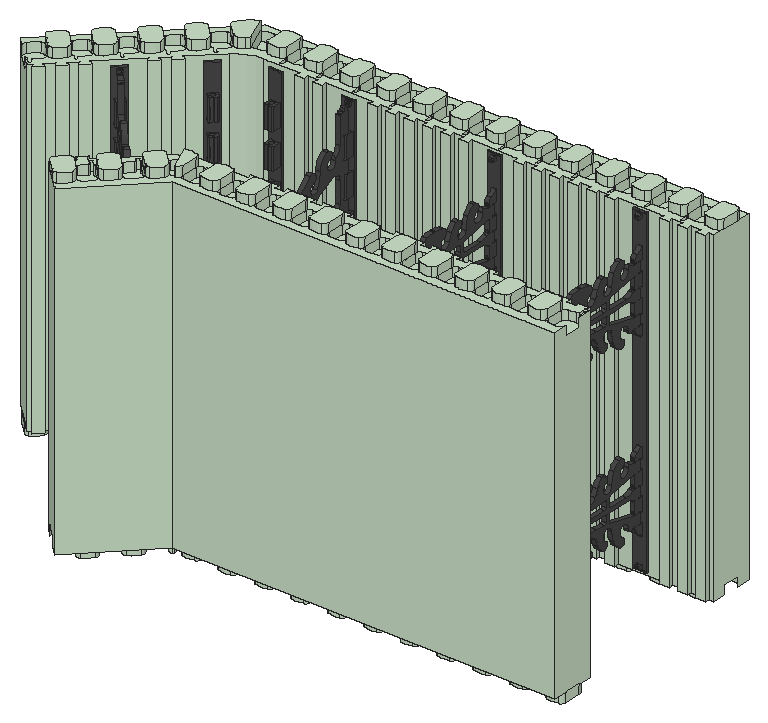
Revit family (continued)
Definition of nested family "8-inch Web"
  Forms (in)
    Extrusion 1, solid, material "Polypropylene"
      sketch origin (0, 0, -0.5) x (0, 1, 0) y (0, 0, 1)
        loop
          arc (0.06182, 12.38886) -> (0.30102, 12.40366) -> (0.53596, 12.45092) r 1.75402
          arc (0.53596, 12.45092) -> (0.73529, 12.69795) -> (0.55907, 12.96196) r 0.26801
          arc (0.55907, 12.96196) -> (0.48493, 13.48968) -> (0.99061, 13.32155) r 0.31353
          line (0.99061, 13.32155) -> (1.13325, 12.93471)
          arc (1.13325, 12.93471) -> (1.27447, 12.72144) -> (1.47916, 12.56805) r 0.74993
          arc (1.47916, 12.56805) -> (1.7612, 12.66395) -> (1.68267, 12.95131) r 0.21738
          arc (1.68267, 12.95131) -> (1.64814, 13.4949) -> (2.13361, 13.24792) r 0.31353
          arc (2.13361, 13.24792) -> (2.18004, 12.92936) -> (2.26931, 12.62005) r 2.36477
          arc (2.26931, 12.62005) -> (2.42388, 12.38359) -> (2.66153, 12.23085) r 0.67666
          arc (2.66153, 12.23085) -> (2.94751, 12.3534) -> (2.82496, 12.63938) r 0.22
          arc (2.82496, 12.63938) -> (2.80729, 13.20461) -> (3.25886, 12.86419) r 0.31353
          arc (3.25886, 12.86419) -> (3.28181, 12.76256) -> (3.38367, 12.74066) r 0.09677
          arc (3.38367, 12.74066) -> (3.54907, 12.79485) -> (3.72137, 12.81946) r 0.99729
          line (3.72137, 12.81946) -> (3.83556, 12.81946) -> (3.83556, 12.74943) -> (3.77832, 12.74943)
          arc (3.77832, 12.74943) -> (3.73413, 12.73112) -> (3.71582, 12.68693) r 0.0625
          line (3.71582, 12.68693) -> (3.71582, 12.61943)
          arc (3.71582, 12.61943) -> (3.7617, 12.47509) -> (3.88249, 12.38373) r 0.25
          arc (3.88249, 12.38373) -> (4.01183, 12.31528) -> (4.11582, 12.21232) r 0.5
          line (4.11582, 12.21232) -> (4.185, 12.21232) -> (4.185, 12.81193)
          arc (4.185, 12.81193) -> (4.16669, 12.76774) -> (4.1225, 12.74943) r 0.0625
          line (4.1225, 12.74943) -> (3.91022, 12.74943) -> (3.91022, 12.81946) -> (4.02082, 12.81946) -> (4.02082, 13.31943) -> (3.91022, 13.31943) -> (3.91022, 13.38943) -> (4.1225, 13.38943)
          arc (4.1225, 13.38943) -> (4.16669, 13.37112) -> (4.185, 13.32693) r 0.0625
          line (4.185, 13.32693) -> (4.185, 14.11193)
          arc (4.185, 14.11193) -> (4.16669, 14.06774) -> (4.1225, 14.04943) r 0.0625
          line (4.1225, 14.04943) -> (3.91022, 14.04943) -> (3.91022, 14.11943) -> (4.02082, 14.11943) -> (4.02082, 14.61943) -> (3.91022, 14.61943) -> (3.91022, 14.68943) -> (4.1225, 14.68943)
          arc (4.1225, 14.68943) -> (4.16669, 14.67112) -> (4.185, 14.62693) r 0.0625
          line (4.185, 14.62693) -> (4.185, 15.41193)
          arc (4.185, 15.41193) -> (4.16669, 15.36774) -> (4.1225, 15.34943) r 0.0625
          line (4.1225, 15.34943) -> (3.91022, 15.34943) -> (3.91022, 15.41943) -> (4.02082, 15.41943)
        loop
          arc (3.61722, 14.5911) -> (3.66725, 14.61172) -> (3.72082, 14.61943) r 0.21872
          line (3.72082, 14.61943) -> (3.83556, 14.61943) -> (3.83556, 14.68943) -> (3.77832, 14.68943)
          arc (3.77832, 14.68943) -> (3.73413, 14.70774) -> (3.71582, 14.75193) r 0.0625
          line (3.71582, 14.75193) -> (3.71582, 15.28693)
          arc (3.71582, 15.28693) -> (3.73413, 15.33112) -> (3.77832, 15.34943) r 0.0625
          line (3.77832, 15.34943) -> (3.83556, 15.34943) -> (3.83556, 15.41943) -> (3.72082, 15.41943)
          arc (3.72082, 15.41943) -> (2.8612, 15.22018) -> (1.99577, 15.04787) r 28.25303
          arc (1.99577, 15.04787) -> (1.93696, 15.01354) -> (1.91377, 14.9495) r 0.1
          line (1.91377, 14.9495) -> (1.91377, 14.56474)
          arc (1.91377, 14.56474) -> (1.94303, 14.49405) -> (2.0137, 14.46474) r 0.1
          line (2.0137, 14.46474) -> (3.1681, 14.46396)
          arc (3.1681, 14.46396) -> (3.39912, 14.5047) -> (3.61722, 14.5911) r 1.15974
        loop
          line (3.72082, 13.31943) -> (3.83556, 13.31943) -> (3.83556, 13.38943) -> (3.77832, 13.38943)
          arc (3.77832, 13.38943) -> (3.73413, 13.40774) -> (3.71582, 13.45193) r 0.0625
          line (3.71582, 13.45193) -> (3.71582, 13.98693)
          arc (3.71582, 13.98693) -> (3.73413, 14.03112) -> (3.77832, 14.04943) r 0.0625
          line (3.77832, 14.04943) -> (3.83556, 14.04943) -> (3.83556, 14.11943) -> (3.72082, 14.11943)
          arc (3.72082, 14.11943) -> (3.66725, 14.12714) -> (3.61722, 14.14776) r 0.21872
          arc (3.61722, 14.14776) -> (3.39912, 14.23416) -> (3.1681, 14.2749) r 1.15974
          line (3.1681, 14.2749) -> (2.0137, 14.2749)
          arc (2.0137, 14.2749) -> (1.94303, 14.24481) -> (1.91377, 14.17412) r 0.1
          line (1.91377, 14.17412) -> (1.91377, 13.78936)
          arc (1.91377, 13.78936) -> (1.93696, 13.72532) -> (1.99577, 13.69099) r 0.1
          arc (1.99577, 13.69099) -> (2.8612, 13.51868) -> (3.72082, 13.31943) r 28.25303
        loop
          line (4.185, 18.01497) -> (4.185, 18.26376)
          arc (4.185, 18.26376) -> (4.18086, 18.24855) -> (4.16957, 18.23754) r 0.03
          line (4.16957, 18.23754) -> (4.00043, 18.14357)
          arc (4.00043, 18.14357) -> (3.98914, 18.13256) -> (3.985, 18.11735) r 0.03
          line (3.985, 18.11735) -> (3.985, 18.04614)
          arc (3.985, 18.04614) -> (3.99126, 18.03161) -> (4.00611, 18.02617) r 0.02
          line (4.00611, 18.02617) -> (4.16389, 18.03494)
          arc (4.16389, 18.03494) -> (4.17874, 18.0295) -> (4.185, 18.01497) r 0.02
        loop
          arc (-4.185, 18.01497) -> (-4.17874, 18.0295) -> (-4.16389, 18.03494) r 0.02
          line (-4.16389, 18.03494) -> (-4.00611, 18.02617)
          arc (-4.00611, 18.02617) -> (-3.99126, 18.03161) -> (-3.985, 18.04614) r 0.02
          line (-3.985, 18.04614) -> (-3.985, 18.11735)
          arc (-3.985, 18.11735) -> (-3.98914, 18.13256) -> (-4.00043, 18.14357) r 0.03
          line (-4.00043, 18.14357) -> (-4.16957, 18.23754)
          arc (-4.16957, 18.23754) -> (-4.18086, 18.24855) -> (-4.185, 18.26376) r 0.03
          line (-4.185, 18.26376) -> (-4.185, 18.01497)
        loop
          arc (1.64262, 14.9857) -> (1.3631, 14.94624) -> (1.0811, 14.93338) r 2.98393
          line (1.0811, 14.93338) -> (0.43422, 14.93338)
          arc (0.43422, 14.93338) -> (0.1999, 14.69906) -> (0.43422, 14.46474) r 0.23432
          line (0.43422, 14.46474) -> (1.66127, 14.46474)
          arc (1.66127, 14.46474) -> (1.73198, 14.49403) -> (1.76127, 14.56474) r 0.1
          line (1.76127, 14.56474) -> (1.76127, 14.88745)
          arc (1.76127, 14.88745) -> (1.72505, 14.96447) -> (1.64262, 14.9857) r 0.1
        loop
          arc (1.64262, 13.75316) -> (1.72505, 13.77439) -> (1.76127, 13.85141) r 0.1
          line (1.76127, 13.85141) -> (1.76127, 14.17412)
          arc (1.76127, 14.17412) -> (1.73198, 14.24483) -> (1.66127, 14.27412) r 0.1
          line (1.66127, 14.27412) -> (0.43422, 14.27412)
          arc (0.43422, 14.27412) -> (0.1999, 14.0398) -> (0.43422, 13.80548) r 0.23432
          line (0.43422, 13.80548) -> (1.0811, 13.80548)
          arc (1.0811, 13.80548) -> (1.3631, 13.79262) -> (1.64262, 13.75316) r 2.98393
        loop
          arc (-3.61722, 14.5911) -> (-3.39912, 14.5047) -> (-3.1681, 14.46396) r 1.15974
          line (-3.1681, 14.46396) -> (-2.0137, 14.46474)
          arc (-2.0137, 14.46474) -> (-1.94303, 14.49405) -> (-1.91377, 14.56474) r 0.1
          line (-1.91377, 14.56474) -> (-1.91377, 14.9495)
          arc (-1.91377, 14.9495) -> (-1.93696, 15.01354) -> (-1.99577, 15.04787) r 0.1
          arc (-1.99577, 15.04787) -> (-2.8612, 15.22018) -> (-3.72082, 15.41943) r 28.25303
          line (-3.72082, 15.41943) -> (-3.83556, 15.41943) -> (-3.83556, 15.34943) -> (-3.77832, 15.34943)
          arc (-3.77832, 15.34943) -> (-3.73413, 15.33112) -> (-3.71582, 15.28693) r 0.0625
          line (-3.71582, 15.28693) -> (-3.71582, 14.75193)
          arc (-3.71582, 14.75193) -> (-3.73413, 14.70774) -> (-3.77832, 14.68943) r 0.0625
          line (-3.77832, 14.68943) -> (-3.83556, 14.68943) -> (-3.83556, 14.61943) -> (-3.72082, 14.61943)
          arc (-3.72082, 14.61943) -> (-3.66725, 14.61172) -> (-3.61722, 14.5911) r 0.21872
        loop
          arc (-3.72082, 13.31943) -> (-2.8612, 13.51868) -> (-1.99577, 13.69099) r 28.25303
          arc (-1.99577, 13.69099) -> (-1.93696, 13.72532) -> (-1.91377, 13.78936) r 0.1
          line (-1.91377, 13.78936) -> (-1.91377, 14.17412)
          arc (-1.91377, 14.17412) -> (-1.94303, 14.24481) -> (-2.0137, 14.2749) r 0.1
          line (-2.0137, 14.2749) -> (-3.1681, 14.2749)
          arc (-3.1681, 14.2749) -> (-3.39912, 14.23416) -> (-3.61722, 14.14776) r 1.15974
          arc (-3.61722, 14.14776) -> (-3.66725, 14.12714) -> (-3.72082, 14.11943) r 0.21872
          line (-3.72082, 14.11943) -> (-3.83556, 14.11943) -> (-3.83556, 14.04943) -> (-3.77832, 14.04943)
          arc (-3.77832, 14.04943) -> (-3.73413, 14.03112) -> (-3.71582, 13.98693) r 0.0625
          line (-3.71582, 13.98693) -> (-3.71582, 13.45193)
          arc (-3.71582, 13.45193) -> (-3.73413, 13.40774) -> (-3.77832, 13.38943) r 0.0625
          line (-3.77832, 13.38943) -> (-3.83556, 13.38943) -> (-3.83556, 13.31943) -> (-3.72082, 13.31943)
        loop
          arc (-1.64262, 14.9857) -> (-1.72505, 14.96447) -> (-1.76127, 14.88745) r 0.1
          line (-1.76127, 14.88745) -> (-1.76127, 14.56474)
          arc (-1.76127, 14.56474) -> (-1.73198, 14.49403) -> (-1.66127, 14.46474) r 0.1
          line (-1.66127, 14.46474) -> (-0.43422, 14.46474)
          arc (-0.43422, 14.46474) -> (-0.1999, 14.69906) -> (-0.43422, 14.93338) r 0.23432
          line (-0.43422, 14.93338) -> (-1.0811, 14.93338)
          arc (-1.0811, 14.93338) -> (-1.3631, 14.94624) -> (-1.64262, 14.9857) r 2.98393
        loop
          arc (-1.64262, 13.75316) -> (-1.3631, 13.79262) -> (-1.0811, 13.80548) r 2.98393
          line (-1.0811, 13.80548) -> (-0.43422, 13.80548)
          arc (-0.43422, 13.80548) -> (-0.1999, 14.0398) -> (-0.43422, 14.27412) r 0.23432
          line (-0.43422, 14.27412) -> (-1.66127, 14.27412)
          arc (-1.66127, 14.27412) -> (-1.73198, 14.24483) -> (-1.76127, 14.17412) r 0.1
          line (-1.76127, 14.17412) -> (-1.76127, 13.85141)
          arc (-1.76127, 13.85141) -> (-1.72505, 13.77439) -> (-1.64262, 13.75316) r 0.1
        loop
          line (4.02082, 3.58057) -> (3.91022, 3.58057) -> (3.91022, 3.65057) -> (4.1225, 3.65057)
          arc (4.1225, 3.65057) -> (4.16669, 3.63226) -> (4.185, 3.58807) r 0.0625
          line (4.185, 3.58807) -> (4.185, 4.37307)
          arc (4.185, 4.37307) -> (4.16669, 4.32888) -> (4.1225, 4.31057) r 0.0625
          line (4.1225, 4.31057) -> (3.91022, 4.31057) -> (3.91022, 4.38057) -> (4.02082, 4.38057) -> (4.02082, 4.88057) -> (3.91022, 4.88057) -> (3.91022, 4.95057) -> (4.1225, 4.95057)
          arc (4.1225, 4.95057) -> (4.16669, 4.93226) -> (4.185, 4.88807) r 0.0625
          line (4.185, 4.88807) -> (4.185, 5.67307)
          arc (4.185, 5.67307) -> (4.16669, 5.62888) -> (4.1225, 5.61057) r 0.0625
          line (4.1225, 5.61057) -> (3.91022, 5.61057) -> (3.91022, 5.68057) -> (4.02082, 5.68057) -> (4.02082, 6.18054) -> (3.91022, 6.18054) -> (3.91022, 6.25057) -> (4.1225, 6.25057)
          arc (4.1225, 6.25057) -> (4.16669, 6.23226) -> (4.185, 6.18807) r 0.0625
          line (4.185, 6.18807) -> (4.185, 6.78768) -> (4.11582, 6.78768)
          arc (4.11582, 6.78768) -> (4.01183, 6.68472) -> (3.88249, 6.61627) r 0.5
          arc (3.88249, 6.61627) -> (3.7617, 6.52491) -> (3.71582, 6.38057) r 0.25
          line (3.71582, 6.38057) -> (3.71582, 6.31307)
          arc (3.71582, 6.31307) -> (3.73413, 6.26888) -> (3.77832, 6.25057) r 0.0625
          line (3.77832, 6.25057) -> (3.83556, 6.25057) -> (3.83556, 6.18054) -> (3.72137, 6.18054)
          arc (3.72137, 6.18054) -> (3.54907, 6.20515) -> (3.38367, 6.25934) r 0.99729
          arc (3.38367, 6.25934) -> (3.28181, 6.23744) -> (3.25886, 6.13581) r 0.09677
          arc (3.25886, 6.13581) -> (2.80729, 5.79539) -> (2.82496, 6.36062) r 0.31353
          arc (2.82496, 6.36062) -> (2.94751, 6.6466) -> (2.66153, 6.76915) r 0.22
          arc (2.66153, 6.76915) -> (2.42388, 6.61641) -> (2.26931, 6.37995) r 0.67666
          arc (2.26931, 6.37995) -> (2.18004, 6.07064) -> (2.13361, 5.75208) r 2.36477
          arc (2.13361, 5.75208) -> (1.64814, 5.5051) -> (1.68267, 6.04869) r 0.31353
          arc (1.68267, 6.04869) -> (1.7612, 6.33605) -> (1.47916, 6.43195) r 0.21738
          arc (1.47916, 6.43195) -> (1.27447, 6.27856) -> (1.13325, 6.06529) r 0.74993
          line (1.13325, 6.06529) -> (0.99061, 5.67845)
          arc (0.99061, 5.67845) -> (0.48493, 5.51032) -> (0.55907, 6.03804) r 0.31353
          arc (0.55907, 6.03804) -> (0.73529, 6.30205) -> (0.53596, 6.54908) r 0.26801
          arc (0.53596, 6.54908) -> (0.30102, 6.59634) -> (0.06182, 6.61114) r 1.75402
          arc (0.06182, 6.61114) -> (0.03091, 6.61107) -> (0, 6.61046) r 1.75402
          arc (0, 6.61046) -> (-0.03091, 6.61107) -> (-0.06182, 6.61114) r 1.75402
          arc (-0.06182, 6.61114) -> (-0.30102, 6.59634) -> (-0.53596, 6.54908) r 1.75402
          arc (-0.53596, 6.54908) -> (-0.73529, 6.30205) -> (-0.55907, 6.03804) r 0.26801
          arc (-0.55907, 6.03804) -> (-0.48493, 5.51032) -> (-0.99061, 5.67845) r 0.31353
          line (-0.99061, 5.67845) -> (-1.13325, 6.06529)
          arc (-1.13325, 6.06529) -> (-1.27447, 6.27856) -> (-1.47916, 6.43195) r 0.74993
          arc (-1.47916, 6.43195) -> (-1.7612, 6.33605) -> (-1.68267, 6.04869) r 0.21738
          arc (-1.68267, 6.04869) -> (-1.64814, 5.5051) -> (-2.13361, 5.75208) r 0.31353
          arc (-2.13361, 5.75208) -> (-2.18004, 6.07064) -> (-2.26931, 6.37995) r 2.36477
          arc (-2.26931, 6.37995) -> (-2.42388, 6.61641) -> (-2.66153, 6.76915) r 0.67666
          arc (-2.66153, 6.76915) -> (-2.94751, 6.6466) -> (-2.82496, 6.36062) r 0.22
          arc (-2.82496, 6.36062) -> (-2.80729, 5.79539) -> (-3.25886, 6.13581) r 0.31353
          arc (-3.25886, 6.13581) -> (-3.28181, 6.23744) -> (-3.38367, 6.25934) r 0.09677
          arc (-3.38367, 6.25934) -> (-3.54907, 6.20515) -> (-3.72137, 6.18054) r 0.99729
          line (-3.72137, 6.18054) -> (-3.83556, 6.18054) -> (-3.83556, 6.25057) -> (-3.77832, 6.25057)
          arc (-3.77832, 6.25057) -> (-3.73413, 6.26888) -> (-3.71582, 6.31307) r 0.0625
          line (-3.71582, 6.31307) -> (-3.71582, 6.38057)
          arc (-3.71582, 6.38057) -> (-3.7617, 6.52491) -> (-3.88249, 6.61627) r 0.25
          arc (-3.88249, 6.61627) -> (-4.01183, 6.68472) -> (-4.11582, 6.78768) r 0.5
          line (-4.11582, 6.78768) -> (-4.185, 6.78768) -> (-4.185, 6.18807)
          arc (-4.185, 6.18807) -> (-4.16669, 6.23226) -> (-4.1225, 6.25057) r 0.0625
          line (-4.1225, 6.25057) -> (-3.91022, 6.25057) -> (-3.91022, 6.18054) -> (-4.02082, 6.18054) -> (-4.02082, 5.68057) -> (-3.91022, 5.68057) -> (-3.91022, 5.61057) -> (-4.1225, 5.61057)
          arc (-4.1225, 5.61057) -> (-4.16669, 5.62888) -> (-4.185, 5.67307) r 0.0625
          line (-4.185, 5.67307) -> (-4.185, 4.88807)
          arc (-4.185, 4.88807) -> (-4.16669, 4.93226) -> (-4.1225, 4.95057) r 0.0625
          line (-4.1225, 4.95057) -> (-3.91022, 4.95057) -> (-3.91022, 4.88057) -> (-4.02082, 4.88057) -> (-4.02082, 4.38057) -> (-3.91022, 4.38057) -> (-3.91022, 4.31057) -> (-4.1225, 4.31057)
          arc (-4.1225, 4.31057) -> (-4.16669, 4.32888) -> (-4.185, 4.37307) r 0.0625
          line (-4.185, 4.37307) -> (-4.185, 3.58807)
          arc (-4.185, 3.58807) -> (-4.16669, 3.63226) -> (-4.1225, 3.65057) r 0.0625
          line (-4.1225, 3.65057) -> (-3.91022, 3.65057) -> (-3.91022, 3.58057) -> (-4.02082, 3.58057) -> (-4.02082, 3.0806) -> (-3.91022, 3.0806) -> (-3.91022, 3.01057) -> (-4.15332, 3.01057)
          arc (-4.15332, 3.01057) -> (-4.16974, 3.01276) -> (-4.185, 3.01919) r 0.0625
          line (-4.185, 3.01919) -> (-4.185, 2.3463)
          arc (-4.185, 2.3463) -> (-4.06705, 2.52933) -> (-3.88249, 2.64487) r 0.5
          arc (-3.88249, 2.64487) -> (-3.7617, 2.73623) -> (-3.71582, 2.88057) r 0.25
          line (-3.71582, 2.88057) -> (-3.71582, 2.94807)
          arc (-3.71582, 2.94807) -> (-3.73413, 2.99226) -> (-3.77832, 3.01057) r 0.0625
          line (-3.77832, 3.01057) -> (-3.83556, 3.01057) -> (-3.83556, 3.0806) -> (-3.72137, 3.0806)
          arc (-3.72137, 3.0806) -> (-3.54907, 3.05599) -> (-3.38367, 3.0018) r 0.99729
          arc (-3.38367, 3.0018) -> (-3.28181, 3.0237) -> (-3.25886, 3.12533) r 0.09677
          arc (-3.25886, 3.12533) -> (-2.80729, 3.46575) -> (-2.82496, 2.90052) r 0.31353
          arc (-2.82496, 2.90052) -> (-2.94751, 2.61454) -> (-2.66153, 2.49199) r 0.22
          arc (-2.66153, 2.49199) -> (-2.42388, 2.64473) -> (-2.26931, 2.88119) r 0.67666
          arc (-2.26931, 2.88119) -> (-2.18004, 3.1905) -> (-2.13361, 3.50906) r 2.36477
          arc (-2.13361, 3.50906) -> (-1.64814, 3.75604) -> (-1.68267, 3.21245) r 0.31353
          arc (-1.68267, 3.21245) -> (-1.7612, 2.92509) -> (-1.47916, 2.82919) r 0.21738
          arc (-1.47916, 2.82919) -> (-1.27447, 2.98258) -> (-1.13325, 3.19585) r 0.74993
          line (-1.13325, 3.19585) -> (-0.99061, 3.58269)
          arc (-0.99061, 3.58269) -> (-0.48493, 3.75082) -> (-0.55907, 3.2231) r 0.31353
          arc (-0.55907, 3.2231) -> (-0.73529, 2.95909) -> (-0.53596, 2.71206) r 0.26801
          arc (-0.53596, 2.71206) -> (-0.30102, 2.6648) -> (-0.06182, 2.65) r 1.75402
          arc (-0.06182, 2.65) -> (-0.03091, 2.65007) -> (0, 2.65068) r 1.75402
          arc (0, 2.65068) -> (0.03091, 2.65007) -> (0.06182, 2.65) r 1.75402
          arc (0.06182, 2.65) -> (0.30102, 2.6648) -> (0.53596, 2.71206) r 1.75402
          arc (0.53596, 2.71206) -> (0.73529, 2.95909) -> (0.55907, 3.2231) r 0.26801
          arc (0.55907, 3.2231) -> (0.48493, 3.75082) -> (0.99061, 3.58269) r 0.31353
          line (0.99061, 3.58269) -> (1.13325, 3.19585)
          arc (1.13325, 3.19585) -> (1.27447, 2.98258) -> (1.47916, 2.82919) r 0.74993
          arc (1.47916, 2.82919) -> (1.7612, 2.92509) -> (1.68267, 3.21245) r 0.21738
          arc (1.68267, 3.21245) -> (1.64814, 3.75604) -> (2.13361, 3.50906) r 0.31353
          arc (2.13361, 3.50906) -> (2.18004, 3.1905) -> (2.26931, 2.88119) r 2.36477
          arc (2.26931, 2.88119) -> (2.42388, 2.64473) -> (2.66153, 2.49199) r 0.67666
          arc (2.66153, 2.49199) -> (2.94751, 2.61454) -> (2.82496, 2.90052) r 0.22
          arc (2.82496, 2.90052) -> (2.80729, 3.46575) -> (3.25886, 3.12533) r 0.31353
          arc (3.25886, 3.12533) -> (3.28181, 3.0237) -> (3.38367, 3.0018) r 0.09677
          arc (3.38367, 3.0018) -> (3.54907, 3.05599) -> (3.72137, 3.0806) r 0.99729
          line (3.72137, 3.0806) -> (3.83556, 3.0806) -> (3.83556, 3.01057) -> (3.77832, 3.01057)
          arc (3.77832, 3.01057) -> (3.73413, 2.99226) -> (3.71582, 2.94807) r 0.0625
          line (3.71582, 2.94807) -> (3.71582, 2.88057)
          arc (3.71582, 2.88057) -> (3.7617, 2.73623) -> (3.88249, 2.64487) r 0.25
          arc (3.88249, 2.64487) -> (4.06705, 2.52933) -> (4.185, 2.3463) r 0.5
          line (4.185, 2.3463) -> (4.185, 3.01919)
          arc (4.185, 3.01919) -> (4.16974, 3.01276) -> (4.15332, 3.01057) r 0.0625
          line (4.15332, 3.01057) -> (3.91022, 3.01057) -> (3.91022, 3.0806) -> (4.02082, 3.0806) -> (4.02082, 3.58057)
        loop
          arc (3.61722, 4.4089) -> (3.39912, 4.4953) -> (3.1681, 4.53604) r 1.15974
          line (3.1681, 4.53604) -> (2.0137, 4.53526)
          arc (2.0137, 4.53526) -> (1.94303, 4.50595) -> (1.91377, 4.43526) r 0.1
          line (1.91377, 4.43526) -> (1.91377, 4.0505)
          arc (1.91377, 4.0505) -> (1.93696, 3.98646) -> (1.99577, 3.95213) r 0.1
          arc (1.99577, 3.95213) -> (2.8612, 3.77982) -> (3.72082, 3.58057) r 28.25303
          line (3.72082, 3.58057) -> (3.83556, 3.58057) -> (3.83556, 3.65057) -> (3.77832, 3.65057)
          arc (3.77832, 3.65057) -> (3.73413, 3.66888) -> (3.71582, 3.71307) r 0.0625
          line (3.71582, 3.71307) -> (3.71582, 4.24807)
          arc (3.71582, 4.24807) -> (3.73413, 4.29226) -> (3.77832, 4.31057) r 0.0625
          line (3.77832, 4.31057) -> (3.83556, 4.31057) -> (3.83556, 4.38057) -> (3.72082, 4.38057)
          arc (3.72082, 4.38057) -> (3.66725, 4.38828) -> (3.61722, 4.4089) r 0.21872
        loop
          arc (3.72082, 5.68057) -> (2.8612, 5.48132) -> (1.99577, 5.30901) r 28.25303
          arc (1.99577, 5.30901) -> (1.93696, 5.27468) -> (1.91377, 5.21064) r 0.1
          line (1.91377, 5.21064) -> (1.91377, 4.82588)
          arc (1.91377, 4.82588) -> (1.94303, 4.75519) -> (2.0137, 4.7251) r 0.1
          line (2.0137, 4.7251) -> (3.1681, 4.7251)
          arc (3.1681, 4.7251) -> (3.39912, 4.76584) -> (3.61722, 4.85224) r 1.15974
          arc (3.61722, 4.85224) -> (3.66725, 4.87286) -> (3.72082, 4.88057) r 0.21872
          line (3.72082, 4.88057) -> (3.83556, 4.88057) -> (3.83556, 4.95057) -> (3.77832, 4.95057)
          arc (3.77832, 4.95057) -> (3.73413, 4.96888) -> (3.71582, 5.01307) r 0.0625
          line (3.71582, 5.01307) -> (3.71582, 5.54807)
          arc (3.71582, 5.54807) -> (3.73413, 5.59226) -> (3.77832, 5.61057) r 0.0625
          line (3.77832, 5.61057) -> (3.83556, 5.61057) -> (3.83556, 5.68057) -> (3.72082, 5.68057)
        loop
          arc (1.64262, 4.0143) -> (1.72505, 4.03553) -> (1.76127, 4.11255) r 0.1
          line (1.76127, 4.11255) -> (1.76127, 4.43526)
          arc (1.76127, 4.43526) -> (1.73198, 4.50597) -> (1.66127, 4.53526) r 0.1
          line (1.66127, 4.53526) -> (0.43422, 4.53526)
          arc (0.43422, 4.53526) -> (0.1999, 4.30094) -> (0.43422, 4.06662) r 0.23432
          line (0.43422, 4.06662) -> (1.0811, 4.06662)
          arc (1.0811, 4.06662) -> (1.3631, 4.05376) -> (1.64262, 4.0143) r 2.98393
        loop
          arc (1.64262, 5.24684) -> (1.3631, 5.20738) -> (1.0811, 5.19452) r 2.98393
          line (1.0811, 5.19452) -> (0.43422, 5.19452)
          arc (0.43422, 5.19452) -> (0.1999, 4.9602) -> (0.43422, 4.72588) r 0.23432
          line (0.43422, 4.72588) -> (1.66127, 4.72588)
          arc (1.66127, 4.72588) -> (1.73198, 4.75517) -> (1.76127, 4.82588) r 0.1
          line (1.76127, 4.82588) -> (1.76127, 5.14859)
          arc (1.76127, 5.14859) -> (1.72505, 5.22561) -> (1.64262, 5.24684) r 0.1
        loop
          arc (-3.61722, 4.4089) -> (-3.66725, 4.38828) -> (-3.72082, 4.38057) r 0.21872
          line (-3.72082, 4.38057) -> (-3.83556, 4.38057) -> (-3.83556, 4.31057) -> (-3.77832, 4.31057)
          arc (-3.77832, 4.31057) -> (-3.73413, 4.29226) -> (-3.71582, 4.24807) r 0.0625
          line (-3.71582, 4.24807) -> (-3.71582, 3.71307)
          arc (-3.71582, 3.71307) -> (-3.73413, 3.66888) -> (-3.77832, 3.65057) r 0.0625
          line (-3.77832, 3.65057) -> (-3.83556, 3.65057) -> (-3.83556, 3.58057) -> (-3.72082, 3.58057)
          arc (-3.72082, 3.58057) -> (-2.8612, 3.77982) -> (-1.99577, 3.95213) r 28.25303
          arc (-1.99577, 3.95213) -> (-1.93696, 3.98646) -> (-1.91377, 4.0505) r 0.1
          line (-1.91377, 4.0505) -> (-1.91377, 4.43526)
          arc (-1.91377, 4.43526) -> (-1.94303, 4.50595) -> (-2.0137, 4.53526) r 0.1
          line (-2.0137, 4.53526) -> (-3.1681, 4.53604)
          arc (-3.1681, 4.53604) -> (-3.39912, 4.4953) -> (-3.61722, 4.4089) r 1.15974
        loop
          line (-3.72082, 5.68057) -> (-3.83556, 5.68057) -> (-3.83556, 5.61057) -> (-3.77832, 5.61057)
          arc (-3.77832, 5.61057) -> (-3.73413, 5.59226) -> (-3.71582, 5.54807) r 0.0625
          line (-3.71582, 5.54807) -> (-3.71582, 5.01307)
          arc (-3.71582, 5.01307) -> (-3.73413, 4.96888) -> (-3.77832, 4.95057) r 0.0625
          line (-3.77832, 4.95057) -> (-3.83556, 4.95057) -> (-3.83556, 4.88057) -> (-3.72082, 4.88057)
          arc (-3.72082, 4.88057) -> (-3.66725, 4.87286) -> (-3.61722, 4.85224) r 0.21872
          arc (-3.61722, 4.85224) -> (-3.39912, 4.76584) -> (-3.1681, 4.7251) r 1.15974
          line (-3.1681, 4.7251) -> (-2.0137, 4.7251)
          arc (-2.0137, 4.7251) -> (-1.94303, 4.75519) -> (-1.91377, 4.82588) r 0.1
          line (-1.91377, 4.82588) -> (-1.91377, 5.21064)
          arc (-1.91377, 5.21064) -> (-1.93696, 5.27468) -> (-1.99577, 5.30901) r 0.1
          arc (-1.99577, 5.30901) -> (-2.8612, 5.48132) -> (-3.72082, 5.68057) r 28.25303
        loop
          arc (-1.64262, 4.0143) -> (-1.3631, 4.05376) -> (-1.0811, 4.06662) r 2.98393
          line (-1.0811, 4.06662) -> (-0.43422, 4.06662)
          arc (-0.43422, 4.06662) -> (-0.1999, 4.30094) -> (-0.43422, 4.53526) r 0.23432
          line (-0.43422, 4.53526) -> (-1.66127, 4.53526)
          arc (-1.66127, 4.53526) -> (-1.73198, 4.50597) -> (-1.76127, 4.43526) r 0.1
          line (-1.76127, 4.43526) -> (-1.76127, 4.11255)
          arc (-1.76127, 4.11255) -> (-1.72505, 4.03553) -> (-1.64262, 4.0143) r 0.1
        loop
          arc (-1.64262, 5.24684) -> (-1.72505, 5.22561) -> (-1.76127, 5.14859) r 0.1
          line (-1.76127, 5.14859) -> (-1.76127, 4.82588)
          arc (-1.76127, 4.82588) -> (-1.73198, 4.75517) -> (-1.66127, 4.72588) r 0.1
          line (-1.66127, 4.72588) -> (-0.43422, 4.72588)
          arc (-0.43422, 4.72588) -> (-0.1999, 4.9602) -> (-0.43422, 5.19452) r 0.23432
          line (-0.43422, 5.19452) -> (-1.0811, 5.19452)
          arc (-1.0811, 5.19452) -> (-1.3631, 5.20738) -> (-1.64262, 5.24684) r 2.98393
      from -0.125 to 0.125
    Extrusion 2, solid, material "Polypropylene"
      sketch origin (0, 0, 0) x (0, 1, 0) y (0, 0, 1)
        loop
          line (4.185, 17.8125) -> (4.185, 0.1875)
          arc (4.185, 0.1875) -> (4.2042, 0.14243) -> (4.25, 0.12505) r 0.0625
          arc (4.25, 0.12505) -> (4.2958, 0.14243) -> (4.315, 0.1875) r 0.0625
          line (4.315, 0.1875) -> (4.315, 17.8125)
          arc (4.315, 17.8125) -> (4.2958, 17.85757) -> (4.25, 17.87495) r 0.0625
          arc (4.25, 17.87495) -> (4.2042, 17.85757) -> (4.185, 17.8125) r 0.0625
        loop
          arc (-4.185, 17.8125) -> (-4.2042, 17.85757) -> (-4.25, 17.87495) r 0.0625
          arc (-4.25, 17.87495) -> (-4.2958, 17.85757) -> (-4.315, 17.8125) r 0.0625
          line (-4.315, 17.8125) -> (-4.315, 0.1875)
          arc (-4.315, 0.1875) -> (-4.2958, 0.14243) -> (-4.25, 0.12505) r 0.0625
          arc (-4.25, 0.12505) -> (-4.2042, 0.14243) -> (-4.185, 0.1875) r 0.0625
          line (-4.185, 0.1875) -> (-4.185, 17.8125)
      from -0.36328 to 0.36328
Definition of nested family "8-inch Insert Web"
  Reference planes (in)
    plane 1 "Center (Front/Back)": y = 0
    plane 2: z = 0
    plane 3 "Center (Left/Right)": x = 0
  Forms (in)
    Extrusion 1, solid, material "High Density Polystyrene"
      sketch origin (0, 0, 0) x (0, 1, 0) y (0, 0, 1)
        loop
          line (4.25, 0) -> (4.25, 17.74583)
          arc (4.25, 17.74583) -> (4.22112, 17.72608) -> (4.21, 17.69292) r 0.055
          line (4.21, 17.69292) -> (4.21, 0.05292)
          arc (4.21, 0.05292) -> (4.22112, 0.01975) -> (4.25, 0) r 0.055
        loop
          arc (-4.25, 0) -> (-4.22112, 0.01975) -> (-4.21, 0.05292) r 0.055
          line (-4.21, 0.05292) -> (-4.21, 17.69292)
          arc (-4.21, 17.69292) -> (-4.22112, 17.72608) -> (-4.25, 17.74583) r 0.055
          line (-4.25, 17.74583) -> (-4.25, 0)
      from 0.36328 to -0.36328
    Extrusion 2, solid, material "High Density Polystyrene"
      sketch origin (0, 0, 0) x (0, 1, 0) y (0, 0, 1)
        loop
          arc (4.18889, 17.40785) -> (4.20374, 17.40241) -> (4.21, 17.38789) r 0.02
          line (4.21, 17.38789) -> (4.21, 17.63668)
          arc (4.21, 17.63668) -> (4.20585, 17.62147) -> (4.19457, 17.61045) r 0.03
          line (4.19457, 17.61045) -> (4.12543, 17.57204)
          arc (4.12543, 17.57204) -> (4.11414, 17.56103) -> (4.11, 17.54582) r 0.03
          line (4.11, 17.54582) -> (4.11, 17.42461)
          arc (4.11, 17.42461) -> (4.11625, 17.41008) -> (4.13111, 17.40464) r 0.02
          line (4.13111, 17.40464) -> (4.18889, 17.40785)
        loop
          line (-4.12543, 17.57204) -> (-4.19457, 17.61045)
          arc (-4.19457, 17.61045) -> (-4.20585, 17.62147) -> (-4.21, 17.63668) r 0.03
          line (-4.21, 17.63668) -> (-4.21, 17.38789)
          arc (-4.21, 17.38789) -> (-4.20374, 17.40241) -> (-4.18889, 17.40785) r 0.02
          line (-4.18889, 17.40785) -> (-4.13111, 17.40464)
          arc (-4.13111, 17.40464) -> (-4.11625, 17.41008) -> (-4.11, 17.42461) r 0.02
          line (-4.11, 17.42461) -> (-4.11, 17.54582)
          arc (-4.11, 17.54582) -> (-4.11414, 17.56103) -> (-4.12543, 17.57204) r 0.03
        loop
          line (4.18889, 0.33798) -> (4.13111, 0.34119)
          arc (4.13111, 0.34119) -> (4.11625, 0.33575) -> (4.11, 0.32122) r 0.02
          line (4.11, 0.32122) -> (4.11, 0.20001)
          arc (4.11, 0.20001) -> (4.11414, 0.1848) -> (4.12543, 0.17379) r 0.03
          line (4.12543, 0.17379) -> (4.19457, 0.13538)
          arc (4.19457, 0.13538) -> (4.20585, 0.12437) -> (4.21, 0.10915) r 0.03
          line (4.21, 0.10915) -> (4.21, 0.35795)
          arc (4.21, 0.35795) -> (4.20374, 0.34342) -> (4.18889, 0.33798) r 0.02
        loop
          arc (-4.12543, 0.17379) -> (-4.11414, 0.1848) -> (-4.11, 0.20001) r 0.03
          line (-4.11, 0.20001) -> (-4.11, 0.32122)
          arc (-4.11, 0.32122) -> (-4.11625, 0.33575) -> (-4.13111, 0.34119) r 0.02
          line (-4.13111, 0.34119) -> (-4.18889, 0.33798)
          arc (-4.18889, 0.33798) -> (-4.20374, 0.34342) -> (-4.21, 0.35795) r 0.02
          line (-4.21, 0.35795) -> (-4.21, 0.10915)
          arc (-4.21, 0.10915) -> (-4.20585, 0.12437) -> (-4.19457, 0.13538) r 0.03
          line (-4.19457, 0.13538) -> (-4.12543, 0.17379)
        loop
          line (4, 17.20772) -> (3.925, 17.43772)
          arc (3.925, 17.43772) -> (3.875, 17.46772) -> (3.825, 17.43772) r 0.05667
          line (3.825, 17.43772) -> (3.77609, 17.28772) -> (3.64893, 17.28772)
          arc (3.64893, 17.28772) -> (3.61433, 17.27339) -> (3.6, 17.2388) r 0.04893
          line (3.6, 17.2388) -> (3.6, 17.20772) -> (3.5, 17.20772) -> (3.5, 15.75595)
          arc (3.5, 15.75595) -> (3.43087, 15.489) -> (3.24086, 15.28915) r 0.55
          arc (3.24086, 15.28915) -> (3.19232, 15.23289) -> (3.1843, 15.15901) r 0.125
          arc (3.1843, 15.15901) -> (2.73923, 14.83241) -> (2.77171, 15.3835) r 0.305
          arc (2.77171, 15.3835) -> (2.89426, 15.66948) -> (2.60829, 15.79202) r 0.22
          arc (2.60829, 15.79202) -> (2.25428, 15.49683) -> (2.14171, 15.04986) r 0.745
          arc (2.14171, 15.04986) -> (2.09808, 14.63491) -> (1.96932, 14.23805) r 2
          arc (1.96932, 14.23805) -> (1.47025, 14.23431) -> (1.63581, 14.70513) r 0.305
          arc (1.63581, 14.70513) -> (1.78874, 15.03658) -> (1.43743, 15.1357) r 0.24
          line (1.43743, 15.1357) -> (0.53033, 14.22861)
          arc (0.53033, 14.22861) -> (0, 14.00894) -> (-0.53033, 14.22861) r 0.75
          line (-0.53033, 14.22861) -> (-1.43743, 15.1357)
          arc (-1.43743, 15.1357) -> (-1.78874, 15.03658) -> (-1.63581, 14.70513) r 0.24
          arc (-1.63581, 14.70513) -> (-1.47025, 14.23431) -> (-1.96932, 14.23805) r 0.305
          arc (-1.96932, 14.23805) -> (-2.09808, 14.63491) -> (-2.14171, 15.04986) r 2
          arc (-2.14171, 15.04986) -> (-2.25428, 15.49683) -> (-2.60829, 15.79202) r 0.745
          arc (-2.60829, 15.79202) -> (-2.89426, 15.66948) -> (-2.77171, 15.3835) r 0.22
          arc (-2.77171, 15.3835) -> (-2.73923, 14.83241) -> (-3.1843, 15.15901) r 0.305
          arc (-3.1843, 15.15901) -> (-3.19232, 15.23289) -> (-3.24086, 15.28915) r 0.125
          arc (-3.24086, 15.28915) -> (-3.43087, 15.489) -> (-3.5, 15.75595) r 0.55
          line (-3.5, 15.75595) -> (-3.5, 17.20772) -> (-3.6, 17.20772) -> (-3.6, 17.2388)
          arc (-3.6, 17.2388) -> (-3.61433, 17.27339) -> (-3.64893, 17.28772) r 0.04893
          line (-3.64893, 17.28772) -> (-3.77609, 17.28772) -> (-3.825, 17.43772)
          arc (-3.825, 17.43772) -> (-3.875, 17.46772) -> (-3.925, 17.43772) r 0.05667
          line (-3.925, 17.43772) -> (-4, 17.20772) -> (-4, 0.66519) -> (-3.925, 0.43519)
          arc (-3.925, 0.43519) -> (-3.875, 0.40519) -> (-3.825, 0.43519) r 0.05667
          line (-3.825, 0.43519) -> (-3.77609, 0.58519) -> (-3.64893, 0.58519)
          arc (-3.64893, 0.58519) -> (-3.61433, 0.59952) -> (-3.6, 0.63412) r 0.04893
          line (-3.6, 0.63412) -> (-3.6, 0.66519) -> (-3.5, 0.66519) -> (-3.5, 2.24405)
          arc (-3.5, 2.24405) -> (-3.43087, 2.511) -> (-3.24086, 2.71085) r 0.55
          arc (-3.24086, 2.71085) -> (-3.19232, 2.76711) -> (-3.1843, 2.84099) r 0.125
          arc (-3.1843, 2.84099) -> (-2.73923, 3.16759) -> (-2.77171, 2.6165) r 0.305
          arc (-2.77171, 2.6165) -> (-2.89426, 2.33052) -> (-2.60829, 2.20798) r 0.22
          arc (-2.60829, 2.20798) -> (-2.25428, 2.50317) -> (-2.14171, 2.95014) r 0.745
          arc (-2.14171, 2.95014) -> (-2.09808, 3.36509) -> (-1.96932, 3.76195) r 2
          arc (-1.96932, 3.76195) -> (-1.47025, 3.76569) -> (-1.63581, 3.29487) r 0.305
          arc (-1.63581, 3.29487) -> (-1.78874, 2.96342) -> (-1.43743, 2.8643) r 0.24
          line (-1.43743, 2.8643) -> (-0.53033, 3.77139)
          arc (-0.53033, 3.77139) -> (0, 3.99106) -> (0.53033, 3.77139) r 0.75
          line (0.53033, 3.77139) -> (1.43743, 2.8643)
          arc (1.43743, 2.8643) -> (1.78874, 2.96342) -> (1.63581, 3.29487) r 0.24
          arc (1.63581, 3.29487) -> (1.47025, 3.76569) -> (1.96932, 3.76195) r 0.305
          arc (1.96932, 3.76195) -> (2.09808, 3.36509) -> (2.14171, 2.95014) r 2
          arc (2.14171, 2.95014) -> (2.25428, 2.50317) -> (2.60829, 2.20798) r 0.745
          arc (2.60829, 2.20798) -> (2.89426, 2.33052) -> (2.77171, 2.6165) r 0.22
          arc (2.77171, 2.6165) -> (2.73923, 3.16759) -> (3.1843, 2.84099) r 0.305
          arc (3.1843, 2.84099) -> (3.19232, 2.76711) -> (3.24086, 2.71085) r 0.125
          arc (3.24086, 2.71085) -> (3.43087, 2.511) -> (3.5, 2.24405) r 0.55
          line (3.5, 2.24405) -> (3.5, 0.66519) -> (3.6, 0.66519) -> (3.6, 0.63412)
          arc (3.6, 0.63412) -> (3.61433, 0.59952) -> (3.64893, 0.58519) r 0.04893
          line (3.64893, 0.58519) -> (3.77609, 0.58519) -> (3.825, 0.43519)
          arc (3.825, 0.43519) -> (3.875, 0.40519) -> (3.925, 0.43519) r 0.05667
          line (3.925, 0.43519) -> (4, 0.66519) -> (4, 17.20772)
        loop
          line (2.96605, 14.38264) -> (2.08806, 13.97174)
          arc (2.08806, 13.97174) -> (1.87812, 13.78724) -> (1.8, 13.51888) r 0.5
          line (1.8, 13.51888) -> (1.8, 13.10798)
          arc (1.8, 13.10798) -> (1.94645, 12.75443) -> (2.3, 12.60798) r 0.5
          line (2.3, 12.60798) -> (3.25, 12.60798)
          arc (3.25, 12.60798) -> (3.42678, 12.6812) -> (3.5, 12.85798) r 0.25
          line (3.5, 12.85798) -> (3.5, 14.04299)
          arc (3.5, 14.04299) -> (3.32627, 14.35941) -> (2.96605, 14.38264) r 0.375
        loop
          line (1.6, 12.98298) -> (1.6, 13.39222)
          arc (1.6, 13.39222) -> (1.48146, 13.58635) -> (1.30123, 13.72512) r 0.62421
          arc (1.30123, 13.72512) -> (1.16288, 13.71227) -> (1.02401, 13.70798) r 2.25
          line (1.02401, 13.70798) -> (0, 13.70798) -> (-1.02401, 13.70798)
          arc (-1.02401, 13.70798) -> (-1.16288, 13.71227) -> (-1.30123, 13.72512) r 2.25
          arc (-1.30123, 13.72512) -> (-1.48146, 13.58635) -> (-1.6, 13.39222) r 0.62421
          line (-1.6, 13.39222) -> (-1.6, 12.98298)
          arc (-1.6, 12.98298) -> (-1.45481, 12.75317) -> (-1.225, 12.60798) r 0.61747
          line (-1.225, 12.60798) -> (0, 12.60798) -> (1.225, 12.60798)
          arc (1.225, 12.60798) -> (1.45481, 12.75317) -> (1.6, 12.98298) r 0.61747
        loop
          line (-2.08806, 13.97174) -> (-2.96605, 14.38264)
          arc (-2.96605, 14.38264) -> (-3.32627, 14.35941) -> (-3.5, 14.04299) r 0.375
          line (-3.5, 14.04299) -> (-3.5, 12.85798)
          arc (-3.5, 12.85798) -> (-3.42678, 12.6812) -> (-3.25, 12.60798) r 0.25
          line (-3.25, 12.60798) -> (-2.3, 12.60798)
          arc (-2.3, 12.60798) -> (-1.94645, 12.75443) -> (-1.8, 13.10798) r 0.5
          line (-1.8, 13.10798) -> (-1.8, 13.41478) -> (-1.8, 13.51888)
          arc (-1.8, 13.51888) -> (-1.87812, 13.78724) -> (-2.08806, 13.97174) r 0.5
        loop
          arc (2.96605, 10.65332) -> (3.32627, 10.67655) -> (3.5, 10.99296) r 0.375
          line (3.5, 10.99296) -> (3.5, 12.17798)
          arc (3.5, 12.17798) -> (3.42678, 12.35476) -> (3.25, 12.42798) r 0.25
          line (3.25, 12.42798) -> (2.3, 12.42798)
          arc (2.3, 12.42798) -> (1.94645, 12.28153) -> (1.8, 11.92798) r 0.5
          line (1.8, 11.92798) -> (1.8, 11.51707)
          arc (1.8, 11.51707) -> (1.87812, 11.24872) -> (2.08806, 11.06421) r 0.5
          line (2.08806, 11.06421) -> (2.96605, 10.65332)
        loop
          arc (1.6, 12.05298) -> (1.45481, 12.28279) -> (1.225, 12.42798) r 0.61747
          line (1.225, 12.42798) -> (0, 12.42798) -> (-1.225, 12.42798)
          arc (-1.225, 12.42798) -> (-1.45481, 12.28279) -> (-1.6, 12.05298) r 0.61747
          line (-1.6, 12.05298) -> (-1.6, 11.64374)
          arc (-1.6, 11.64374) -> (-1.48146, 11.4496) -> (-1.30123, 11.31084) r 0.62421
          arc (-1.30123, 11.31084) -> (-1.16288, 11.32369) -> (-1.02401, 11.32798) r 2.25
          line (-1.02401, 11.32798) -> (0, 11.32798) -> (1.02401, 11.32798)
          arc (1.02401, 11.32798) -> (1.16288, 11.32369) -> (1.30123, 11.31084) r 2.25
          arc (1.30123, 11.31084) -> (1.48146, 11.4496) -> (1.6, 11.64374) r 0.62421
          line (1.6, 11.64374) -> (1.6, 12.05298)
        loop
          arc (-2.08806, 11.06421) -> (-1.87812, 11.24872) -> (-1.8, 11.51707) r 0.5
          line (-1.8, 11.51707) -> (-1.8, 11.62118) -> (-1.8, 11.92798)
          arc (-1.8, 11.92798) -> (-1.94645, 12.28153) -> (-2.3, 12.42798) r 0.5
          line (-2.3, 12.42798) -> (-3.25, 12.42798)
          arc (-3.25, 12.42798) -> (-3.42678, 12.35476) -> (-3.5, 12.17798) r 0.25
          line (-3.5, 12.17798) -> (-3.5, 10.99296)
          arc (-3.5, 10.99296) -> (-3.32627, 10.67655) -> (-2.96605, 10.65332) r 0.375
          line (-2.96605, 10.65332) -> (-2.08806, 11.06421)
        loop
          line (3.21194, 10.33912) -> (1.95372, 10.92796)
          arc (1.95372, 10.92796) -> (1.48851, 11.08642) -> (1, 11.14009) r 2.25
          line (1, 11.14009) -> (0, 11.14009) -> (-1, 11.14009)
          arc (-1, 11.14009) -> (-1.48851, 11.08642) -> (-1.95372, 10.92796) r 2.25
          line (-1.95372, 10.92796) -> (-3.21194, 10.33912)
          arc (-3.21194, 10.33912) -> (-3.42188, 10.15462) -> (-3.5, 9.88626) r 0.5
          line (-3.5, 9.88626) -> (-3.5, 9.31235) -> (-3.38, 9.11235) -> (-3.38, 9) -> (-3.38, 8.88765) -> (-3.5, 8.68765) -> (-3.5, 8.11374)
          arc (-3.5, 8.11374) -> (-3.42188, 7.84538) -> (-3.21194, 7.66088) r 0.5
          line (-3.21194, 7.66088) -> (-1.95372, 7.07204)
          arc (-1.95372, 7.07204) -> (-1.48851, 6.91358) -> (-1, 6.85991) r 2.25
          line (-1, 6.85991) -> (0, 6.85991) -> (1, 6.85991)
          arc (1, 6.85991) -> (1.48851, 6.91358) -> (1.95372, 7.07204) r 2.25
          line (1.95372, 7.07204) -> (3.21194, 7.66088)
          arc (3.21194, 7.66088) -> (3.42188, 7.84538) -> (3.5, 8.11374) r 0.5
          line (3.5, 8.11374) -> (3.5, 8.68765) -> (3.38, 8.88765) -> (3.38, 9) -> (3.38, 9.11235) -> (3.5, 9.31235) -> (3.5, 9.88626)
          arc (3.5, 9.88626) -> (3.42188, 10.15462) -> (3.21194, 10.33912) r 0.5
        loop
          arc (2.96605, 3.61736) -> (3.32627, 3.64059) -> (3.5, 3.95701) r 0.375
          line (3.5, 3.95701) -> (3.5, 5.14202)
          arc (3.5, 5.14202) -> (3.42678, 5.3188) -> (3.25, 5.39202) r 0.25
          line (3.25, 5.39202) -> (2.3, 5.39202)
          arc (2.3, 5.39202) -> (1.94645, 5.24557) -> (1.8, 4.89202) r 0.5
          line (1.8, 4.89202) -> (1.8, 4.48112)
          arc (1.8, 4.48112) -> (1.87812, 4.21276) -> (2.08806, 4.02826) r 0.5
          line (2.08806, 4.02826) -> (2.96605, 3.61736)
        loop
          arc (1.6, 5.01702) -> (1.45481, 5.24683) -> (1.225, 5.39202) r 0.61747
          line (1.225, 5.39202) -> (0, 5.39202) -> (-1.225, 5.39202)
          arc (-1.225, 5.39202) -> (-1.45481, 5.24683) -> (-1.6, 5.01702) r 0.61747
          line (-1.6, 5.01702) -> (-1.6, 4.60778)
          arc (-1.6, 4.60778) -> (-1.48146, 4.41365) -> (-1.30123, 4.27488) r 0.62421
          arc (-1.30123, 4.27488) -> (-1.16288, 4.28773) -> (-1.02401, 4.29202) r 2.25
          line (-1.02401, 4.29202) -> (0, 4.29202) -> (1.02401, 4.29202)
          arc (1.02401, 4.29202) -> (1.16288, 4.28773) -> (1.30123, 4.27488) r 2.25
          arc (1.30123, 4.27488) -> (1.48146, 4.41365) -> (1.6, 4.60778) r 0.62421
          line (1.6, 4.60778) -> (1.6, 5.01702)
        loop
          arc (-2.08806, 4.02826) -> (-1.87812, 4.21276) -> (-1.8, 4.48112) r 0.5
          line (-1.8, 4.48112) -> (-1.8, 4.58522) -> (-1.8, 4.89202)
          arc (-1.8, 4.89202) -> (-1.94645, 5.24557) -> (-2.3, 5.39202) r 0.5
          line (-2.3, 5.39202) -> (-3.25, 5.39202)
          arc (-3.25, 5.39202) -> (-3.42678, 5.3188) -> (-3.5, 5.14202) r 0.25
          line (-3.5, 5.14202) -> (-3.5, 3.95701)
          arc (-3.5, 3.95701) -> (-3.32627, 3.64059) -> (-2.96605, 3.61736) r 0.375
          line (-2.96605, 3.61736) -> (-2.08806, 4.02826)
        loop
          line (2.96605, 7.34668) -> (2.08806, 6.93579)
          arc (2.08806, 6.93579) -> (1.87812, 6.75128) -> (1.8, 6.48293) r 0.5
          line (1.8, 6.48293) -> (1.8, 6.07202)
          arc (1.8, 6.07202) -> (1.94645, 5.71847) -> (2.3, 5.57202) r 0.5
          line (2.3, 5.57202) -> (3.25, 5.57202)
          arc (3.25, 5.57202) -> (3.42678, 5.64524) -> (3.5, 5.82202) r 0.25
          line (3.5, 5.82202) -> (3.5, 7.00704)
          arc (3.5, 7.00704) -> (3.32627, 7.32345) -> (2.96605, 7.34668) r 0.375
        loop
          line (1.6, 5.94702) -> (1.6, 6.35626)
          arc (1.6, 6.35626) -> (1.48146, 6.5504) -> (1.30123, 6.68916) r 0.62421
          arc (1.30123, 6.68916) -> (1.16288, 6.67631) -> (1.02401, 6.67202) r 2.25
          line (1.02401, 6.67202) -> (0, 6.67202) -> (-1.02401, 6.67202)
          arc (-1.02401, 6.67202) -> (-1.16288, 6.67631) -> (-1.30123, 6.68916) r 2.25
          arc (-1.30123, 6.68916) -> (-1.48146, 6.5504) -> (-1.6, 6.35626) r 0.62421
          line (-1.6, 6.35626) -> (-1.6, 5.94702)
          arc (-1.6, 5.94702) -> (-1.45481, 5.71721) -> (-1.225, 5.57202) r 0.61747
          line (-1.225, 5.57202) -> (0, 5.57202) -> (1.225, 5.57202)
          arc (1.225, 5.57202) -> (1.45481, 5.71721) -> (1.6, 5.94702) r 0.61747
        loop
          line (-2.08806, 6.93579) -> (-2.96605, 7.34668)
          arc (-2.96605, 7.34668) -> (-3.32627, 7.32345) -> (-3.5, 7.00704) r 0.375
          line (-3.5, 7.00704) -> (-3.5, 5.82202)
          arc (-3.5, 5.82202) -> (-3.42678, 5.64524) -> (-3.25, 5.57202) r 0.25
          line (-3.25, 5.57202) -> (-2.3, 5.57202)
          arc (-2.3, 5.57202) -> (-1.94645, 5.71847) -> (-1.8, 6.07202) r 0.5
          line (-1.8, 6.07202) -> (-1.8, 6.37882) -> (-1.8, 6.48293)
          arc (-1.8, 6.48293) -> (-1.87812, 6.75128) -> (-2.08806, 6.93579) r 0.5
      from 0.125 to -0.125
    Extrusion 3, solid, material "High Density Polystyrene"
      sketch origin (0, 0, 0) x (0, 1, 0) y (0, 0, 1)
        loop
          line (4.21, 16.17792) -> (3.71, 16.17792) -> (3.71, 14.97792) -> (4.21, 14.97792) -> (4.21, 16.17792)
        loop
          line (4.21, 14.22792) -> (3.71, 14.22792) -> (3.71, 13.02792) -> (4.21, 13.02792) -> (4.21, 14.22792)
        loop
          line (4.21, 12.27792) -> (3.71, 12.27792) -> (3.71, 11.07792) -> (4.21, 11.07792) -> (4.21, 12.27792)
        loop
          line (4.21, 10.32792) -> (3.71, 10.32792) -> (3.71, 9.24792) -> (4.21, 9.24792) -> (4.21, 10.32792)
        loop
          line (4.21, 8.49792) -> (3.71, 8.49792) -> (3.71, 7.41792) -> (4.21, 7.41792) -> (4.21, 8.49792)
        loop
          line (4.21, 6.66792) -> (3.71, 6.66792) -> (3.71, 5.46792) -> (4.21, 5.46792) -> (4.21, 6.66792)
        loop
          line (4.21, 4.71792) -> (3.71, 4.71792) -> (3.71, 3.51792) -> (4.21, 3.51792) -> (4.21, 4.71792)
        loop
          line (4.21, 2.76792) -> (3.71, 2.76792) -> (3.71, 1.56792) -> (4.21, 1.56792) -> (4.21, 2.76792)
        loop
          line (-4.21, 16.17792) -> (-4.21, 14.97792) -> (-3.71, 14.97792) -> (-3.71, 16.17792) -> (-4.21, 16.17792)
        loop
          line (-4.21, 14.22792) -> (-4.21, 13.02792) -> (-3.71, 13.02792) -> (-3.71, 14.22792) -> (-4.21, 14.22792)
        loop
          line (-4.21, 12.27792) -> (-4.21, 11.07792) -> (-3.71, 11.07792) -> (-3.71, 12.27792) -> (-4.21, 12.27792)
        loop
          line (-4.21, 10.32792) -> (-4.21, 9.24792) -> (-3.71, 9.24792) -> (-3.71, 10.32792) -> (-4.21, 10.32792)
        loop
          line (-4.21, 8.49792) -> (-4.21, 7.41792) -> (-3.71, 7.41792) -> (-3.71, 8.49792) -> (-4.21, 8.49792)
        loop
          line (-4.21, 6.66792) -> (-4.21, 5.46792) -> (-3.71, 5.46792) -> (-3.71, 6.66792) -> (-4.21, 6.66792)
        loop
          line (-4.21, 4.71792) -> (-4.21, 3.51792) -> (-3.71, 3.51792) -> (-3.71, 4.71792) -> (-4.21, 4.71792)
        loop
          line (-4.21, 2.76792) -> (-4.21, 1.56792) -> (-3.71, 1.56792) -> (-3.71, 2.76792) -> (-4.21, 2.76792)
      from 0.25 to -0.25
    Extrusion 4, void
      sketch origin (0, 1, 0) x (1, 0, 0) y (0, 1, 0)
        loop
          line (-0.25, 2.79249) -> (-0.25, 2.71) -> (-0.1675, 2.71)
          arc (-0.1675, 2.71) -> (-0.22584, 2.73416) -> (-0.25, 2.79249) r 0.0825
      from 0 to 18
    Extrusion 5, void
      sketch origin (0, 1, 0) x (-1, 0, 0) y (0, -1, 0)
        loop
          arc (-0.25, -2.79249) -> (-0.22584, -2.73416) -> (-0.1675, -2.71) r 0.0825
          line (-0.1675, -2.71) -> (-0.25, -2.71) -> (-0.25, -2.79249)
      from 0 to 18
    Extrusion 6, void
      sketch origin (0, -1, 0) x (1, 0, 0) y (0, 1, 0)
        loop
          arc (-0.25, -2.79249) -> (-0.22584, -2.73416) -> (-0.1675, -2.71) r 0.0825
          line (-0.1675, -2.71) -> (-0.25, -2.71) -> (-0.25, -2.79249)
      from 0 to 18
    Extrusion 7, void
      sketch origin (0, -1, 0) x (-1, 0, 0) y (0, -1, 0)
        loop
          line (-0.25, 2.79249) -> (-0.25, 2.71) -> (-0.1675, 2.71)
          arc (-0.1675, 2.71) -> (-0.22584, 2.73416) -> (-0.25, 2.79249) r 0.0825
      from 0 to 18
  Cuts and joins
    Extrusion 4, Extrusion 5, Extrusion 6, Extrusion 7 cuts Extrusion 1
    Extrusion 4, Extrusion 5, Extrusion 6, Extrusion 7 cuts Extrusion 3
Definition of nested family "NUDURA Diamond Pattern"
  Reference planes (in)
    plane 1 "Center (Front/Back)": y = 0
    plane 2: z = 0
    plane 3 "Center (Left/Right)": x = 0
    plane 4: z = 18
  Lines and regions (in)
    model lines
      curve 1: line (8, -5.625, 18) -> (8, -5.625, 0)
      curve 2: line (6, -5.625, 18) -> (6, -5.625, 0)
      curve 3: line (2, -5.625, 18) -> (2, -5.625, 0)
      curve 4: line (3.35367, -5.625, 16.98484) -> (3.69709, -5.625, 16.64142)
      curve 5: arc (3.35367, -5.625, 17.51517) -> (3.24384, -5.625, 17.25) -> (3.35367, -5.625, 16.98484) r 0.375
      curve 6: line (3.72867, -5.625, 17.89017) -> (3.35367, -5.625, 17.51517)
      curve 7: arc (4.259, -5.625, 17.89017) -> (3.99384, -5.625, 18) -> (3.72867, -5.625, 17.89017) r 0.375
      curve 8: line (4.634, -5.625, 17.51517) -> (4.259, -5.625, 17.89017)
      curve 9: arc (4.634, -5.625, 16.98484) -> (4.74384, -5.625, 17.25) -> (4.634, -5.625, 17.51517) r 0.375
      curve 10: line (4.29059, -5.625, 16.64142) -> (4.634, -5.625, 16.98484)
      curve 11: arc (4.17062, -5.625, 17.80178) -> (3.99384, -5.625, 17.875) -> (3.81706, -5.625, 17.80178) r 0.25
      curve 12: line (4.54562, -5.625, 17.42678) -> (4.17062, -5.625, 17.80178)
      curve 13: arc (4.54562, -5.625, 17.07322) -> (4.61884, -5.625, 17.25) -> (4.54562, -5.625, 17.42678) r 0.25
      curve 14: line (4.17062, -5.625, 16.69822) -> (4.54562, -5.625, 17.07322)
      curve 15: arc (3.81706, -5.625, 16.69822) -> (3.99384, -5.625, 16.625) -> (4.17062, -5.625, 16.69822) r 0.25
      curve 16: line (3.44206, -5.625, 17.07322) -> (3.81706, -5.625, 16.69822)
      curve 17: arc (3.44206, -5.625, 17.42678) -> (3.36884, -5.625, 17.25) -> (3.44206, -5.625, 17.07322) r 0.25
      curve 18: line (3.81706, -5.625, 17.80178) -> (3.44206, -5.625, 17.42678)
      curve 19: arc (3.69709, -5.625, 16.35858) -> (3.75567, -5.625, 16.5) -> (3.69709, -5.625, 16.64142) r 0.2
      curve 20: line (4.634, -5.625, 16.01517) -> (4.29059, -5.625, 16.35858)
      curve 21: arc (4.634, -5.625, 15.48484) -> (4.74384, -5.625, 15.75) -> (4.634, -5.625, 16.01517) r 0.375
      curve 22: line (4.29059, -5.625, 15.14142) -> (4.634, -5.625, 15.48484)
      curve 23: line (3.35367, -5.625, 15.48484) -> (3.69709, -5.625, 15.14142)
      curve 24: arc (3.35367, -5.625, 16.01517) -> (3.24384, -5.625, 15.75) -> (3.35367, -5.625, 15.48484) r 0.375
      curve 25: line (3.69709, -5.625, 16.35858) -> (3.35367, -5.625, 16.01517)
      curve 26: arc (4.17062, -5.625, 16.30178) -> (3.99384, -5.625, 16.375) -> (3.81706, -5.625, 16.30178) r 0.25
      curve 27: line (3.81706, -5.625, 16.30178) -> (3.44206, -5.625, 15.92678)
      curve 28: arc (3.44206, -5.625, 15.92678) -> (3.36884, -5.625, 15.75) -> (3.44206, -5.625, 15.57322) r 0.25
      curve 29: line (3.44206, -5.625, 15.57322) -> (3.81706, -5.625, 15.19822)
      curve 30: arc (3.81706, -5.625, 15.19822) -> (3.99384, -5.625, 15.125) -> (4.17062, -5.625, 15.19822) r 0.25
      curve 31: line (4.17062, -5.625, 15.19822) -> (4.54562, -5.625, 15.57322)
      curve 32: arc (4.54562, -5.625, 15.57322) -> (4.61884, -5.625, 15.75) -> (4.54562, -5.625, 15.92678) r 0.25
      curve 33: line (4.54562, -5.625, 15.92678) -> (4.17062, -5.625, 16.30178)
      curve 34: arc (3.69709, -5.625, 14.85858) -> (3.75567, -5.625, 15) -> (3.69709, -5.625, 15.14142) r 0.2
      curve 35: line (4.634, -5.625, 14.51517) -> (4.29059, -5.625, 14.85858)
      curve 36: arc (4.634, -5.625, 13.98484) -> (4.74384, -5.625, 14.25) -> (4.634, -5.625, 14.51517) r 0.375
      curve 37: line (4.29059, -5.625, 13.64142) -> (4.634, -5.625, 13.98484)
      curve 38: line (3.35367, -5.625, 13.98484) -> (3.69709, -5.625, 13.64142)
      curve 39: arc (3.35367, -5.625, 14.51517) -> (3.24384, -5.625, 14.25) -> (3.35367, -5.625, 13.98484) r 0.375
      curve 40: line (3.69709, -5.625, 14.85858) -> (3.35367, -5.625, 14.51517)
      curve 41: arc (4.17062, -5.625, 14.80178) -> (3.99384, -5.625, 14.875) -> (3.81706, -5.625, 14.80178) r 0.25
      curve 42: line (3.81706, -5.625, 14.80178) -> (3.44206, -5.625, 14.42678)
      curve 43: arc (3.44206, -5.625, 14.42678) -> (3.36884, -5.625, 14.25) -> (3.44206, -5.625, 14.07322) r 0.25
      curve 44: line (3.44206, -5.625, 14.07322) -> (3.81706, -5.625, 13.69822)
      curve 45: arc (3.81706, -5.625, 13.69822) -> (3.99384, -5.625, 13.625) -> (4.17062, -5.625, 13.69822) r 0.25
      curve 46: line (4.17062, -5.625, 13.69822) -> (4.54562, -5.625, 14.07322)
      curve 47: arc (4.54562, -5.625, 14.07322) -> (4.61884, -5.625, 14.25) -> (4.54562, -5.625, 14.42678) r 0.25
      curve 48: line (4.54562, -5.625, 14.42678) -> (4.17062, -5.625, 14.80178)
      curve 49: arc (3.69709, -5.625, 13.35858) -> (3.75567, -5.625, 13.5) -> (3.69709, -5.625, 13.64142) r 0.2
      curve 50: line (4.634, -5.625, 13.01517) -> (4.29059, -5.625, 13.35858)
      curve 51: arc (4.634, -5.625, 12.48484) -> (4.74384, -5.625, 12.75) -> (4.634, -5.625, 13.01517) r 0.375
      curve 52: line (4.29059, -5.625, 12.14142) -> (4.634, -5.625, 12.48484)
      curve 53: line (3.35367, -5.625, 12.48484) -> (3.69709, -5.625, 12.14142)
      curve 54: arc (3.35367, -5.625, 13.01517) -> (3.24384, -5.625, 12.75) -> (3.35367, -5.625, 12.48484) r 0.375
      curve 55: line (3.69709, -5.625, 13.35858) -> (3.35367, -5.625, 13.01517)
      curve 56: arc (4.17062, -5.625, 13.30178) -> (3.99384, -5.625, 13.375) -> (3.81706, -5.625, 13.30178) r 0.25
      curve 57: line (3.81706, -5.625, 13.30178) -> (3.44206, -5.625, 12.92678)
      curve 58: arc (3.44206, -5.625, 12.92678) -> (3.36884, -5.625, 12.75) -> (3.44206, -5.625, 12.57322) r 0.25
      curve 59: line (3.44206, -5.625, 12.57322) -> (3.81706, -5.625, 12.19822)
      curve 60: arc (3.81706, -5.625, 12.19822) -> (3.99384, -5.625, 12.125) -> (4.17062, -5.625, 12.19822) r 0.25
      curve 61: line (4.17062, -5.625, 12.19822) -> (4.54562, -5.625, 12.57322)
      curve 62: arc (4.54562, -5.625, 12.57322) -> (4.61884, -5.625, 12.75) -> (4.54562, -5.625, 12.92678) r 0.25
      curve 63: line (4.54562, -5.625, 12.92678) -> (4.17062, -5.625, 13.30178)
      curve 64: arc (3.69709, -5.625, 11.85858) -> (3.75567, -5.625, 12) -> (3.69709, -5.625, 12.14142) r 0.2
      curve 65: line (4.634, -5.625, 11.51517) -> (4.29059, -5.625, 11.85858)
      curve 66: arc (4.634, -5.625, 10.98484) -> (4.74384, -5.625, 11.25) -> (4.634, -5.625, 11.51517) r 0.375
      curve 67: line (4.29059, -5.625, 10.64142) -> (4.634, -5.625, 10.98484)
      curve 68: line (3.35367, -5.625, 10.98484) -> (3.69709, -5.625, 10.64142)
      curve 69: arc (3.35367, -5.625, 11.51517) -> (3.24384, -5.625, 11.25) -> (3.35367, -5.625, 10.98484) r 0.375
